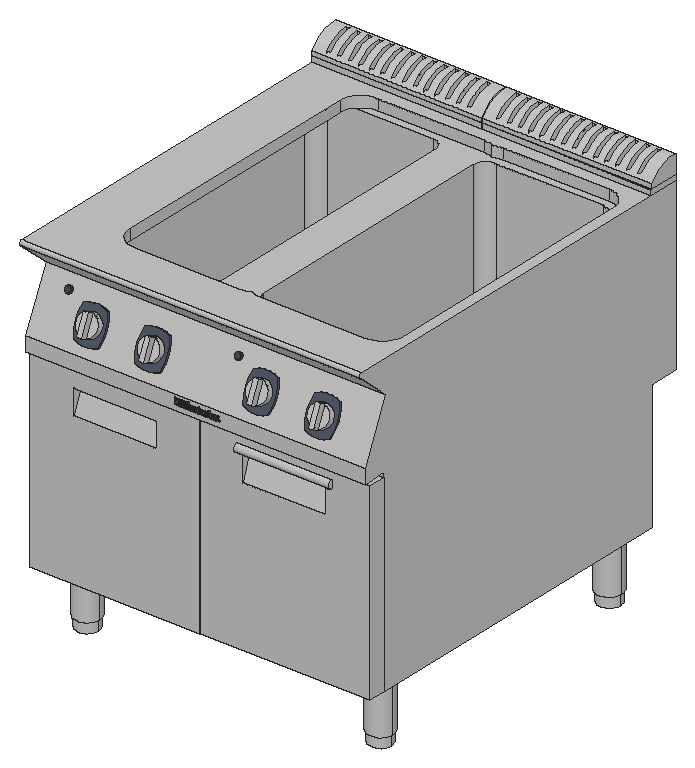
Revit family "QF_ELECTROLUXPROFESSIONAL_391112_E9PCGH2MF0", category Specialty Equipment, Revit 2018 (continued)
Automatic sketch dimensions
  Extrusion 5 sketch curve to Extrusion 5 sketch curve = 0.249 mm
  Extrusion 5 sketch curve to Extrusion 1 = 14.203 mm
  Extrusion 5 sketch curve to Extrusion 5 sketch curve = 0.087 mm
  Extrusion 5 sketch curve to Extrusion 5 sketch curve = 0.358 mm
  Extrusion 5 sketch curve to Extrusion 5 sketch curve = 0.481 mm
  Extrusion 5 sketch curve to Extrusion 5 sketch curve = 0.597 mm
  Extrusion 5 sketch curve to Extrusion 5 sketch curve = 0.544 mm
  Extrusion 5 sketch curve to Extrusion 5 sketch curve = 0.936 mm
  Extrusion 5 sketch curve to Extrusion 5 sketch curve = 0.594 mm
  Extrusion 5 sketch curve to Extrusion 5 sketch curve = 0.343 mm
  Extrusion 5 sketch curve to Extrusion 5 sketch curve = 0.159 mm
  Extrusion 5 sketch curve to Extrusion 5 sketch curve = 0.826 mm
  Extrusion 5 sketch curve to Extrusion 5 sketch curve = 0.839 mm
  Extrusion 5 sketch curve to Extrusion 5 sketch curve = 0.852 mm
  Extrusion 5 sketch curve to Extrusion 5 sketch curve = 0.887 mm
  Extrusion 5 sketch curve to Extrusion 5 sketch curve = 0.928 mm
  Extrusion 5 sketch curve to Extrusion 5 sketch curve = 0.938 mm
  Extrusion 5 sketch curve to Extrusion 5 sketch curve = 0.444 mm
  Extrusion 5 sketch curve to Extrusion 5 sketch curve = 1.11 mm  (x3)
  Extrusion 5 sketch curve to Extrusion 5 sketch curve = 0.215 mm
  Extrusion 5 sketch curve to Extrusion 5 sketch curve = 1.43 mm
  Extrusion 5 sketch curve to Extrusion 5 sketch curve = 1.188 mm
  Extrusion 5 sketch curve to Extrusion 5 sketch curve = 1.21 mm  (x2)
  Extrusion 5 sketch curve to Extrusion 5 sketch curve = 0.503 mm
  Extrusion 5 sketch curve to Extrusion 5 sketch curve = 0.488 mm
  Extrusion 5 sketch curve to Extrusion 5 sketch curve = 0.462 mm
  Extrusion 5 sketch curve to Extrusion 5 sketch curve = 1.386 mm
  Extrusion 5 sketch curve to Extrusion 5 sketch curve = 1.742 mm  (x2)
  Extrusion 5 sketch curve to Extrusion 5 sketch curve = 0.821 mm
  Extrusion 5 sketch curve to Extrusion 5 sketch curve = 0.497 mm
  Extrusion 5 sketch curve to Extrusion 5 sketch curve = 0.539 mm
  Extrusion 5 sketch curve to Extrusion 5 sketch curve = 0.199 mm
  Extrusion 5 sketch curve to Extrusion 5 sketch curve = 0.408 mm
  Extrusion 5 sketch curve to Extrusion 5 sketch curve = 0.528 mm
  Extrusion 5 sketch curve to Extrusion 5 sketch curve = 1.16 mm
  Extrusion 5 sketch curve to Extrusion 5 sketch curve = 0.329 mm
  Extrusion 5 sketch curve to Extrusion 5 sketch curve = 1.054 mm
  Extrusion 5 sketch curve to Extrusion 5 sketch curve = 1.056 mm
  Extrusion 5 sketch curve to Extrusion 5 sketch curve = 0.129 mm
  Extrusion 5 sketch curve to Extrusion 5 sketch curve = 0.489 mm
  Extrusion 5 sketch curve to Extrusion 5 sketch curve = 0.441 mm
  Extrusion 5 sketch curve to Extrusion 5 sketch curve = 1.151 mm
  Extrusion 5 sketch curve to Extrusion 5 sketch curve = 1.141 mm  (x2)
  Extrusion 5 sketch curve to Extrusion 5 sketch curve = 0.768 mm
  Extrusion 5 sketch curve to Extrusion 5 sketch curve = 1.653 mm
  Extrusion 5 sketch curve to Extrusion 5 sketch curve = 0.499 mm
  Extrusion 5 sketch curve to Extrusion 5 sketch curve = 0.964 mm
  Extrusion 5 sketch curve to Extrusion 5 sketch curve = 0.949 mm
  Extrusion 5 sketch curve to Extrusion 5 sketch curve = 1.345 mm  (x3)
  Extrusion 5 sketch curve to Extrusion 5 sketch curve = 1.101 mm
  Extrusion 5 sketch curve to Extrusion 5 sketch curve = 0.432 mm
  Extrusion 5 sketch curve to Extrusion 5 sketch curve = 1.142 mm
  Extrusion 5 sketch curve to Extrusion 5 sketch curve = 0.959 mm
  Extrusion 5 sketch curve to Extrusion 5 sketch curve = 0.176 mm
  Extrusion 5 sketch curve to Extrusion 5 sketch curve = 0.728 mm
  Extrusion 5 sketch curve to Extrusion 5 sketch curve = 3.375 mm  (x2)
  Extrusion 5 sketch curve to Extrusion 5 sketch curve = 0.541 mm
  Extrusion 5 sketch curve to Extrusion 5 sketch curve = 0.955 mm
  Extrusion 5 sketch curve to Extrusion 5 sketch curve = 1.251 mm
  Extrusion 5 sketch curve to Extrusion 5 sketch curve = 0.572 mm
  Extrusion 5 sketch curve to Extrusion 5 sketch curve = 1.92 mm
  Extrusion 5 sketch curve to Extrusion 5 sketch curve = 1.224 mm
  Extrusion 5 sketch curve to Extrusion 5 sketch curve = 0.745 mm
  Extrusion 5 sketch curve to Extrusion 5 sketch curve = 2.537 mm
  Extrusion 5 sketch curve to Extrusion 5 sketch curve = 0.896 mm  (x3)
  Extrusion 5 sketch curve to Extrusion 5 sketch curve = 0.036 mm
  Extrusion 5 sketch curve to Extrusion 5 sketch curve = 2.607 mm
  Extrusion 5 sketch curve to Extrusion 5 sketch curve = 0.066 mm
  Extrusion 5 sketch curve to Extrusion 5 sketch curve = 0.248 mm
  Extrusion 5 sketch curve to Extrusion 5 sketch curve = 0.449 mm
  Extrusion 5 sketch curve to Extrusion 5 sketch curve = 1.052 mm
  Extrusion 5 sketch curve to Extrusion 5 sketch curve = 1.863 mm
  Extrusion 5 sketch curve to Extrusion 5 sketch curve = 1.31 mm  (x2)
  Extrusion 5 sketch curve to Extrusion 5 sketch curve = 0.901 mm
  Extrusion 5 sketch curve to Extrusion 5 sketch curve = 1.107 mm
  Extrusion 5 sketch curve to Extrusion 5 sketch curve = 2.122 mm
  Extrusion 5 sketch curve to Extrusion 5 sketch curve = 2.101 mm
  Extrusion 5 sketch curve to Extrusion 5 sketch curve = 0.106 mm
  Extrusion 5 sketch curve to Extrusion 5 sketch curve = 0.029 mm
  Extrusion 5 sketch curve to Extrusion 5 sketch curve = 2.09 mm
  Extrusion 5 sketch curve to Extrusion 5 sketch curve = 1.279 mm
  Extrusion 5 sketch curve to Extrusion 5 sketch curve = 2.008 mm
  Extrusion 5 sketch curve to Extrusion 5 sketch curve = 0.738 mm
  Extrusion 5 sketch curve to Extrusion 5 sketch curve = 0.382 mm
  Extrusion 5 sketch curve to Extrusion 5 sketch curve = 0.384 mm
  Extrusion 5 sketch curve to Extrusion 5 sketch curve = 0.002 mm
  Extrusion 5 sketch curve to Extrusion 5 sketch curve = 0.561 mm
  Extrusion 5 sketch curve to Extrusion 5 sketch curve = 0.592 mm
  Extrusion 5 sketch curve to Extrusion 5 sketch curve = 2.692 mm
  Extrusion 5 sketch curve to Extrusion 5 sketch curve = 1.259 mm
  Extrusion 5 sketch curve to Extrusion 5 sketch curve = 0.802 mm
  Extrusion 5 sketch curve to Extrusion 5 sketch curve = 1.024 mm  (x2)
  Extrusion 5 sketch curve to Extrusion 5 sketch curve = 0.682 mm
  Extrusion 5 sketch curve to Extrusion 5 sketch curve = 5.934 mm
  Extrusion 5 sketch curve to Extrusion 5 sketch curve = 2.186 mm
  Extrusion 5 sketch curve to Extrusion 5 sketch curve = 0.337 mm
  Extrusion 5 sketch curve to Extrusion 5 sketch curve = 0.021 mm
  Extrusion 5 sketch curve to Extrusion 5 sketch curve = 1.005 mm
  Extrusion 5 sketch curve to Extrusion 5 sketch curve = 0.552 mm
  Extrusion 5 sketch curve to Extrusion 5 sketch curve = 0.778 mm
  Extrusion 5 sketch curve to Extrusion 5 sketch curve = 0.063 mm
  Extrusion 5 sketch curve to Extrusion 5 sketch curve = 1.023 mm
  Extrusion 5 sketch curve to Extrusion 5 sketch curve = 3.804 mm
  Extrusion 5 sketch curve to Extrusion 5 sketch curve = 0.486 mm
  Extrusion 5 sketch curve to Extrusion 5 sketch curve = 0.266 mm
  Extrusion 5 sketch curve to Extrusion 5 sketch curve = 1.547 mm
  Extrusion 5 sketch curve to Extrusion 5 sketch curve = 0.717 mm  (x2)
  Extrusion 5 sketch curve to Extrusion 5 sketch curve = 1.667 mm
  Extrusion 5 sketch curve to Extrusion 5 sketch curve = 3.174 mm
  Extrusion 5 sketch curve to Extrusion 5 sketch curve = 0.388 mm
  Extrusion 5 sketch curve to Extrusion 5 sketch curve = 1.342 mm
  Extrusion 5 sketch curve to Extrusion 5 sketch curve = 1.521 mm
  Extrusion 5 sketch curve to Extrusion 5 sketch curve = 0.124 mm
  Extrusion 5 sketch curve to Extrusion 5 sketch curve = 0.291 mm
  Extrusion 5 sketch curve to Extrusion 5 sketch curve = 1.049 mm  (x2)
  Extrusion 5 sketch curve to Extrusion 5 sketch curve = 1.7 mm
  Extrusion 5 sketch curve to Extrusion 5 sketch curve = 0.894 mm
  Extrusion 5 sketch curve to Extrusion 5 sketch curve = 0.989 mm
  Extrusion 5 sketch curve to Extrusion 5 sketch curve = 1.168 mm
  Extrusion 5 sketch curve to Extrusion 5 sketch curve = 1.594 mm
  Extrusion 5 sketch curve to Extrusion 5 sketch curve = 0.731 mm
  Extrusion 5 sketch curve to Extrusion 5 sketch curve = 1.566 mm
  Extrusion 5 sketch curve to Extrusion 5 sketch curve = 0.064 mm
  Extrusion 5 sketch curve to Extrusion 5 sketch curve = 0.556 mm  (x2)
  Extrusion 5 sketch curve to Extrusion 5 sketch curve = 0.48 mm
  Extrusion 5 sketch curve to Extrusion 5 sketch curve = 1.018 mm
  Extrusion 5 sketch curve to Extrusion 5 sketch curve = 0.787 mm
  Extrusion 5 sketch curve to Extrusion 5 sketch curve = 0.618 mm
  Extrusion 5 sketch curve to Extrusion 5 sketch curve = 1.672 mm
  Extrusion 5 sketch curve to Extrusion 5 sketch curve = 1.361 mm
  Extrusion 5 sketch curve to Extrusion 5 sketch curve = 0.822 mm
  Extrusion 5 sketch curve to Extrusion 5 sketch curve = 0.069 mm
  Extrusion 5 sketch curve to Extrusion 5 sketch curve = 1.88 mm
  Extrusion 5 sketch curve to Extrusion 5 sketch curve = 0.42 mm
  Extrusion 5 sketch curve to Extrusion 5 sketch curve = 0.062 mm
  Extrusion 5 sketch curve to Extrusion 5 sketch curve = 1.355 mm
  Extrusion 5 sketch curve to Extrusion 5 sketch curve = 2.34 mm
  Extrusion 5 sketch curve to Extrusion 5 sketch curve = 0.493 mm
  Extrusion 5 sketch curve to Extrusion 5 sketch curve = 0.136 mm
  Extrusion 5 sketch curve to Extrusion 5 sketch curve = 0.128 mm
  Extrusion 5 sketch curve to Extrusion 5 sketch curve = 3.616 mm
  Extrusion 5 sketch curve to Extrusion 5 sketch curve = 4.207 mm
  Extrusion 5 sketch curve to Extrusion 5 sketch curve = 0.183 mm
  Extrusion 5 sketch curve to Extrusion 5 sketch curve = 0.895 mm
  Extrusion 5 sketch curve to Extrusion 5 sketch curve = 1.314 mm
  Extrusion 5 sketch curve to Extrusion 5 sketch curve = 3.231 mm
  Extrusion 5 sketch curve to Extrusion 5 sketch curve = 1.299 mm
  Extrusion 5 sketch curve to Extrusion 5 sketch curve = 1.214 mm
  Extrusion 5 sketch curve to Extrusion 5 sketch curve = 1.264 mm
  Extrusion 5 sketch curve to Extrusion 5 sketch curve = 0.109 mm
  Extrusion 5 sketch curve to Extrusion 5 sketch curve = 0.357 mm
  Extrusion 5 sketch curve to Extrusion 5 sketch curve = 0.565 mm
  Extrusion 5 sketch curve to Extrusion 5 sketch curve = 2.504 mm
  Extrusion 5 sketch curve to Extrusion 5 sketch curve = 2.459 mm
  Extrusion 1 to Extrusion 5 sketch curve = 5.127 mm
  Extrusion 1 to Extrusion 5 sketch curve = 343.464 mm
  Extrusion 5 sketch curve to Extrusion 5 sketch curve = 0.208 mm
  Extrusion 5 sketch curve to Extrusion 5 sketch curve = 0.468 mm  (x2)
  Extrusion 5 sketch curve to Extrusion 5 sketch curve = 1.559 mm
  Extrusion 5 sketch curve to Extrusion 5 sketch curve = 0.422 mm  (x2)
  Extrusion 5 sketch curve to Extrusion 5 sketch curve = 0.494 mm
  Extrusion 5 sketch curve to Extrusion 5 sketch curve = 3.927 mm
  Extrusion 5 sketch curve to Extrusion 5 sketch curve = 0.782 mm
  Extrusion 5 sketch curve to Extrusion 5 sketch curve = 1.268 mm
  Extrusion 5 sketch curve to Extrusion 5 sketch curve = 0.671 mm
  Extrusion 5 sketch curve to Extrusion 5 sketch curve = 0.777 mm
  Extrusion 5 sketch curve to Extrusion 5 sketch curve = 0.704 mm
  Extrusion 5 sketch curve to Extrusion 5 sketch curve = 0.781 mm  (x2)
  Extrusion 5 sketch curve to Extrusion 5 sketch curve = 1.634 mm
  Extrusion 5 sketch curve to Extrusion 5 sketch curve = 0.132 mm
  Extrusion 5 sketch curve to Extrusion 5 sketch curve = 3.136 mm
  Extrusion 5 sketch curve to Extrusion 5 sketch curve = 2.422 mm
  Extrusion 5 sketch curve to Extrusion 5 sketch curve = 0.586 mm
  Extrusion 5 sketch curve to Extrusion 5 sketch curve = 2.046 mm  (x2)
  Extrusion 5 sketch curve to Extrusion 5 sketch curve = 1.241 mm
  Extrusion 5 sketch curve to Extrusion 5 sketch curve = 1.689 mm
  Extrusion 5 sketch curve to Extrusion 5 sketch curve = 2.859 mm
  Extrusion 5 sketch curve to Extrusion 5 sketch curve = 0.627 mm
  Extrusion 5 sketch curve to Extrusion 5 sketch curve = 0.863 mm
  Extrusion 5 sketch curve to Extrusion 5 sketch curve = 0.419 mm
  Extrusion 5 sketch curve to Extrusion 5 sketch curve = 1.514 mm
  Extrusion 5 sketch curve to Extrusion 5 sketch curve = 1.019 mm
  Extrusion 5 sketch curve to Extrusion 5 sketch curve = 0.065 mm
  Extrusion 5 sketch curve to Extrusion 5 sketch curve = 1.215 mm
  Extrusion 5 sketch curve to Extrusion 5 sketch curve = 2.708 mm
  Extrusion 5 sketch curve to Extrusion 5 sketch curve = 1.122 mm
  Extrusion 5 sketch curve to Extrusion 5 sketch curve = 1.153 mm
  Extrusion 5 sketch curve to Extrusion 5 sketch curve = 3.009 mm
  Extrusion 5 sketch curve to Extrusion 5 sketch curve = 0.829 mm  (x2)
  Extrusion 5 sketch curve to Extrusion 5 sketch curve = 0.934 mm
  Extrusion 5 sketch curve to Extrusion 5 sketch curve = 3.376 mm
  Extrusion 5 sketch curve to Extrusion 5 sketch curve = 0.222 mm
  Extrusion 5 sketch curve to Extrusion 5 sketch curve = 1.383 mm
  Extrusion 5 sketch curve to Extrusion 5 sketch curve = 1.556 mm
  Extrusion 5 sketch curve to Extrusion 5 sketch curve = 2.559 mm
  Extrusion 5 sketch curve to Extrusion 5 sketch curve = 2.51 mm
  Extrusion 5 sketch curve to Extrusion 5 sketch curve = 0.131 mm
  Extrusion 5 sketch curve to Extrusion 5 sketch curve = 1.717 mm
  Extrusion 5 sketch curve to Extrusion 5 sketch curve = 1.134 mm
  Extrusion 5 sketch curve to Extrusion 5 sketch curve = 0.366 mm
  Extrusion 5 sketch curve to Extrusion 5 sketch curve = 0.094 mm
  Extrusion 5 sketch curve to Extrusion 5 sketch curve = 1.584 mm
  Extrusion 5 sketch curve to Extrusion 5 sketch curve = 1.501 mm
  Extrusion 5 sketch curve to Extrusion 5 sketch curve = 0.27 mm
  Extrusion 5 sketch curve to Extrusion 5 sketch curve = 1.808 mm
  Extrusion 5 sketch curve to Extrusion 5 sketch curve = 0.643 mm
  Extrusion 5 sketch curve to Extrusion 5 sketch curve = 0.916 mm
  Extrusion 5 sketch curve to Extrusion 5 sketch curve = 0.352 mm
  Extrusion 5 sketch curve to Extrusion 5 sketch curve = 0.458 mm
  Extrusion 5 sketch curve to Extrusion 5 sketch curve = 1.282 mm
  Extrusion 5 sketch curve to Extrusion 5 sketch curve = 1.363 mm
  Extrusion 5 sketch curve to Extrusion 5 sketch curve = 0.685 mm
  Extrusion 5 sketch curve to Extrusion 5 sketch curve = 0.905 mm
  Extrusion 5 sketch curve to Extrusion 5 sketch curve = 2.865 mm
  Extrusion 5 sketch curve to Extrusion 5 sketch curve = 0.472 mm
  Extrusion 5 sketch curve to Extrusion 5 sketch curve = 0.101 mm
  Extrusion 5 sketch curve to Extrusion 5 sketch curve = 0.54 mm
  Extrusion 5 sketch curve to Extrusion 5 sketch curve = 0.02 mm
  Extrusion 5 sketch curve to Extrusion 5 sketch curve = 0.582 mm
  Extrusion 5 sketch curve to Extrusion 5 sketch curve = 0.166 mm
  Extrusion 5 sketch curve to Extrusion 5 sketch curve = 0.16 mm
  Extrusion 5 sketch curve to Extrusion 5 sketch curve = 2.781 mm
  Extrusion 5 sketch curve to Extrusion 5 sketch curve = 1.118 mm
  Extrusion 5 sketch curve to Extrusion 5 sketch curve = 0.613 mm
  Extrusion 5 sketch curve to Extrusion 5 sketch curve = 0.361 mm
  Extrusion 5 sketch curve to Extrusion 5 sketch curve = 0.897 mm
  Extrusion 5 sketch curve to Extrusion 5 sketch curve = 0.167 mm
  Extrusion 5 sketch curve to Extrusion 5 sketch curve = 0.292 mm
  Extrusion 5 sketch curve to Extrusion 5 sketch curve = 0.305 mm
  Extrusion 5 sketch curve to Extrusion 5 sketch curve = 1.557 mm
  Extrusion 5 sketch curve to Extrusion 5 sketch curve = 2.499 mm
  Extrusion 5 sketch curve to Extrusion 5 sketch curve = 3.062 mm
  Extrusion 5 sketch curve to Extrusion 5 sketch curve = 2.968 mm
  Extrusion 5 sketch curve to Extrusion 5 sketch curve = 5.044 mm
  Extrusion 5 sketch curve to Extrusion 5 sketch curve = 0.629 mm  (x2)
  Extrusion 5 sketch curve to Extrusion 5 sketch curve = 1.131 mm
  Extrusion 5 sketch curve to Extrusion 5 sketch curve = 0.137 mm
  Extrusion 5 sketch curve to Extrusion 5 sketch curve = 0.027 mm
  Extrusion 5 sketch curve to Extrusion 5 sketch curve = 2.235 mm
  Extrusion 6 sketch curve to plane 10 "TOP A" = 0 mm
  Extrusion 6 sketch curve to plane 1 "BACK" = 0 mm
  plane 10 "TOP A" to Extrusion 6 sketch curve = 12.9 mm
  Extrusion 6 sketch curve to plane 12 = 54.11 mm
  Extrusion 7 sketch curve to plane 1 "BACK" = 0 mm
  Extrusion 7 sketch curve to plane 6 "TOP" = 0 mm
  plane 1 "BACK" to Extrusion 7 sketch curve = 4.947 mm
  plane 10 "TOP A" to Extrusion 7 sketch curve = 23.3 mm
  plane 1 "BACK" to Extrusion 7 sketch curve = 69.85 mm
  plane 10 "TOP A" to Extrusion 7 sketch curve = 12.9 mm
  plane 1 "BACK" to Extrusion 8 sketch curve = 6.761 mm  (x14)
  plane 17 to Extrusion 8 sketch curve = 0.513 mm
  Extrusion 8 sketch curve to plane 16 = 1.61 mm
  plane 16 to Extrusion 8 sketch curve = 14.583 mm
  Extrusion 8 sketch curve to Extrusion 8 sketch curve = 57.15 mm
  Extrusion 8 sketch curve to Extrusion 8 sketch curve = 0 mm  (x13)
  Extrusion 8 sketch curve to plane 16 = 10.905 mm
  plane 20 to Extrusion 8 sketch curve = 0.191 mm
  Extrusion 8 sketch curve to plane 20 = 16.001 mm
  Extrusion 8 sketch curve to Extrusion 8 sketch curve = 9.296 mm  (x12)
  Extrusion 8 sketch curve to plane 17 = 15.68 mm
  Extrusion 8 sketch curve to Extrusion 8 sketch curve = 16.193 mm  (x9)
  Extrusion 9 sketch curve to plane 10 "TOP A" = 0 mm
  Extrusion 9 sketch curve to plane 1 "BACK" = 0 mm
  plane 10 "TOP A" to Extrusion 9 sketch curve = 12.9 mm
  Extrusion 9 sketch curve to plane 12 = 54.11 mm
  Extrusion 10 sketch curve to plane 1 "BACK" = 0 mm
  Extrusion 10 sketch curve to plane 6 "TOP" = 0 mm
  plane 1 "BACK" to Extrusion 10 sketch curve = 4.947 mm
  plane 10 "TOP A" to Extrusion 10 sketch curve = 23.3 mm
  plane 1 "BACK" to Extrusion 10 sketch curve = 69.85 mm
  plane 10 "TOP A" to Extrusion 10 sketch curve = 12.9 mm
  plane 1 "BACK" to Extrusion 11 sketch curve = 6.761 mm  (x14)
  plane 18 to Extrusion 11 sketch curve = 1.487 mm
  Extrusion 11 sketch curve to plane 19 = 0.56 mm
  Extrusion 11 sketch curve to Extrusion 11 sketch curve = 57.15 mm
  Extrusion 11 sketch curve to Extrusion 11 sketch curve = 0 mm  (x13)
  Extrusion 11 sketch curve to plane 15 = 6.001 mm
  plane 19 to Extrusion 11 sketch curve = 15.633 mm
  Extrusion 11 sketch curve to Extrusion 11 sketch curve = 9.296 mm  (x13)
  Extrusion 11 sketch curve to Extrusion 11 sketch curve = 16.193 mm  (x10)
  plane 21 to Extrusion 11 sketch curve = 0.191 mm
  Extrusion 12 sketch curve to Extrusion 1 = 0 mm  (x2)
  Extrusion 1 to Extrusion 12 sketch curve = 399.088 mm
  Extrusion 12 sketch curve to Extrusion 12 sketch curve = 1.825 mm
  Extrusion 13 sketch curve to plane 5 "FRONT" = 30 mm
  Extrusion 13 sketch curve to Extrusion 13 sketch curve = 21.813 mm
  Extrusion 13 sketch curve to plane 9 "BASE" = 97.43 mm
  Extrusion 13 sketch curve to plane 9 "BASE" = 37.5 mm
  Extrusion 14 sketch curve to plane 5 "FRONT" = 30 mm
  Extrusion 14 sketch curve to Extrusion 14 sketch curve = 21.813 mm
  Extrusion 14 sketch curve to plane 9 "BASE" = 37.5 mm
  Extrusion 14 sketch curve to Extrusion 14 sketch curve = 59.93 mm
  Extrusion 15 sketch curve to plane 5 "FRONT" = 30 mm
  Extrusion 15 sketch curve to plane 9 "BASE" = 17.595 mm
  Extrusion 15 sketch curve to Extrusion 15 sketch curve = 9.905 mm
  plane 13 to Extrusion 16 sketch curve = 0 mm
  Extrusion 16 sketch curve to plane 20 = 10 mm
  Extrusion 16 sketch curve to Extrusion 16 sketch curve = 0 mm  (x4)
  Extrusion 16 sketch curve to plane 17 = 10 mm  (x2)
  Extrusion 16 sketch curve to plane 7 "Center Y" = 75 mm  (x2)
  Extrusion 16 sketch curve to Extrusion 16 sketch curve = 30 mm
  Extrusion 16 sketch curve to Extrusion 16 sketch curve = 133.357 mm
  Extrusion 17 sketch curve to plane 13 = 163.357 mm
  Extrusion 17 sketch curve to plane 17 = 10 mm
  Extrusion 17 sketch curve to Extrusion 17 sketch curve = 30 mm  (x2)
  plane 12 to Extrusion 17 sketch curve = 25.89 mm  (x2)
  Extrusion 17 sketch curve to plane 12 = 4.11 mm
  Extrusion 17 sketch curve to plane 7 "Center Y" = 75 mm
  plane 7 "Center Y" to Extrusion 18 sketch curve = 25 mm
  plane 13 to Extrusion 18 sketch curve = 20 mm
  Extrusion 18 sketch curve to Extrusion 18 sketch curve = 50 mm  (x2)
  Extrusion 18 sketch curve to plane 12 = 24.11 mm
  plane 18 to Extrusion 18 sketch curve = 12 mm  (x2)
  Extrusion 18 sketch curve to plane 15 = 20 mm
  Extrusion 19 sketch curve to plane 15 = 0 mm  (x2)
  plane 13 to Extrusion 19 sketch curve = 0 mm
  plane 18 to Extrusion 19 sketch curve = 12 mm  (x2)
  plane 7 "Center Y" to Extrusion 19 sketch curve = 75 mm  (x2)
  Extrusion 19 sketch curve to Extrusion 19 sketch curve = 30 mm
  Extrusion 19 sketch curve to Extrusion 19 sketch curve = 0 mm  (x3)
  Extrusion 19 sketch curve to Extrusion 19 sketch curve = 133.357 mm
  Extrusion 20 sketch curve to plane 15 = 0 mm
  Extrusion 20 sketch curve to plane 12 = 4.11 mm
  plane 18 to Extrusion 20 sketch curve = 12 mm
  plane 12 to Extrusion 20 sketch curve = 25.89 mm
  plane 7 "Center Y" to Extrusion 20 sketch curve = 45 mm
  Extrusion 20 sketch curve to plane 8 "Center X" = 141.643 mm  (x2)
  Extrusion 20 sketch curve to Extrusion 20 sketch curve = 30 mm
  Extrusion 21 sketch curve to plane 17 = 39.333 mm
  Extrusion 21 sketch curve to Extrusion 21 sketch curve = 0 mm
  Extrusion 21 sketch curve to Extrusion 21 sketch curve = 12.3 mm  (x3)
  Extrusion 21 sketch curve to Extrusion 21 sketch curve = 34.925 mm  (x2)
  Extrusion 21 sketch curve to plane 17 = 13.606 mm
  Extrusion 21 sketch curve to Extrusion 21 sketch curve = 46.691 mm
  Extrusion 21 sketch curve to Extrusion 21 sketch curve = 26.344 mm
  Extrusion 21 sketch curve to Extrusion 21 sketch curve = 28.57 mm
  Extrusion 23 sketch curve to Extrusion 23 sketch curve = 24.732 mm
  Extrusion 23 sketch curve to Extrusion 23 sketch curve = 0 mm
  Split face 1 sketch curve to Split face 1 sketch curve = 9.684 mm
  Split face 1 sketch curve to Split face 1 sketch curve = 18.622 mm
  Split face 1 sketch curve to Split face 1 sketch curve = 2.959 mm
  Split face 1 sketch curve to Split face 1 sketch curve = 21.994 mm
  Split face 1 sketch curve to Split face 1 sketch curve = 5.035 mm
  Split face 1 sketch curve to Split face 1 sketch curve = 10.085 mm
  Split face 1 sketch curve to Split face 1 sketch curve = 5.244 mm
  Split face 2 sketch curve to Split face 2 sketch curve = 9.635 mm
  Split face 2 sketch curve to Split face 2 sketch curve = 17.821 mm
  Split face 2 sketch curve to Split face 2 sketch curve = 4.557 mm
  Split face 2 sketch curve to Split face 2 sketch curve = 14.42 mm
  Split face 2 sketch curve to Split face 2 sketch curve = 22.055 mm
  Split face 2 sketch curve to Split face 2 sketch curve = 3.318 mm
  Extrusion 24 sketch curve to plane 16 = 17.333 mm
  Extrusion 24 sketch curve to Extrusion 24 sketch curve = 0 mm
  Extrusion 24 sketch curve to Extrusion 24 sketch curve = 12.3 mm  (x3)
  Extrusion 24 sketch curve to Extrusion 24 sketch curve = 34.925 mm  (x2)
  plane 16 to Extrusion 24 sketch curve = 8.394 mm
  Extrusion 24 sketch curve to Extrusion 24 sketch curve = 46.691 mm
  Extrusion 24 sketch curve to plane 16 = 17.95 mm
  Extrusion 24 sketch curve to Extrusion 24 sketch curve = 25.114 mm
  Extrusion 26 sketch curve to Extrusion 26 sketch curve = 24.732 mm
  Extrusion 26 sketch curve to Extrusion 26 sketch curve = 0 mm
  Split face 3 sketch curve to Split face 3 sketch curve = 9.684 mm
  Split face 3 sketch curve to Split face 3 sketch curve = 18.622 mm
  Split face 3 sketch curve to Split face 3 sketch curve = 2.959 mm
  Split face 3 sketch curve to Split face 3 sketch curve = 21.994 mm
  Split face 3 sketch curve to Split face 3 sketch curve = 5.035 mm
  Split face 3 sketch curve to Split face 3 sketch curve = 10.085 mm
  Split face 3 sketch curve to Split face 3 sketch curve = 5.244 mm
  Split face 4 sketch curve to Split face 4 sketch curve = 9.635 mm
  Split face 4 sketch curve to Split face 4 sketch curve = 17.821 mm
  Split face 4 sketch curve to Split face 4 sketch curve = 4.557 mm
  Split face 4 sketch curve to Split face 4 sketch curve = 14.42 mm
  Split face 4 sketch curve to Split face 4 sketch curve = 22.055 mm
  Split face 4 sketch curve to Split face 4 sketch curve = 3.318 mm
  Extrusion 27 sketch curve to plane 17 = 0 mm
  plane 7 "Center Y" to Extrusion 28 sketch curve = 104.333 mm
  Extrusion 28 sketch curve to Extrusion 28 sketch curve = 0 mm
  Extrusion 28 sketch curve to Extrusion 28 sketch curve = 12.3 mm  (x3)
  Extrusion 28 sketch curve to Extrusion 28 sketch curve = 34.925 mm  (x2)
  Extrusion 28 sketch curve to Extrusion 28 sketch curve = 46.691 mm
  Extrusion 28 sketch curve to Extrusion 28 sketch curve = 0.617 mm
  Extrusion 28 sketch curve to Extrusion 28 sketch curve = 28.57 mm
  Extrusion 28 sketch curve to Extrusion 28 sketch curve = 29.185 mm
  Extrusion 30 sketch curve to Extrusion 30 sketch curve = 24.732 mm
  Extrusion 30 sketch curve to Extrusion 30 sketch curve = 0 mm
  Split face 5 sketch curve to Split face 5 sketch curve = 9.684 mm
  Split face 5 sketch curve to Split face 5 sketch curve = 18.622 mm
  Split face 5 sketch curve to Split face 5 sketch curve = 2.959 mm
  Split face 5 sketch curve to Split face 5 sketch curve = 21.994 mm
  Split face 5 sketch curve to Split face 5 sketch curve = 5.035 mm
  Split face 5 sketch curve to Split face 5 sketch curve = 10.085 mm
  Split face 5 sketch curve to Split face 5 sketch curve = 5.244 mm
  Split face 6 sketch curve to Split face 6 sketch curve = 9.635 mm
  Split face 6 sketch curve to Split face 6 sketch curve = 17.821 mm
  Split face 6 sketch curve to Split face 6 sketch curve = 4.557 mm
  Split face 6 sketch curve to Split face 6 sketch curve = 14.42 mm
  Split face 6 sketch curve to Split face 6 sketch curve = 22.055 mm
  Split face 6 sketch curve to Split face 6 sketch curve = 3.318 mm
  Extrusion 31 sketch curve to plane 19 = 16.333 mm
  plane 18 to Extrusion 31 sketch curve = 29.292 mm
  Extrusion 31 sketch curve to Extrusion 31 sketch curve = 0 mm
  Extrusion 31 sketch curve to Extrusion 31 sketch curve = 12.3 mm
  plane 18 to Extrusion 31 sketch curve = 4.178 mm
  Extrusion 31 sketch curve to Extrusion 31 sketch curve = 34.925 mm  (x2)
  plane 19 to Extrusion 31 sketch curve = 9.394 mm
  Extrusion 31 sketch curve to Extrusion 31 sketch curve = 46.691 mm
  Extrusion 31 sketch curve to plane 19 = 16.95 mm
  plane 18 to Extrusion 31 sketch curve = 29.905 mm
  Extrusion 33 sketch curve to Extrusion 33 sketch curve = 24.732 mm
  Extrusion 33 sketch curve to Extrusion 33 sketch curve = 0 mm
  Split face 7 sketch curve to Split face 7 sketch curve = 9.684 mm
  Split face 7 sketch curve to Split face 7 sketch curve = 18.622 mm
  Split face 7 sketch curve to Split face 7 sketch curve = 2.959 mm
  Split face 7 sketch curve to Split face 7 sketch curve = 21.994 mm
  Split face 7 sketch curve to Split face 7 sketch curve = 5.035 mm
  Split face 7 sketch curve to Split face 7 sketch curve = 10.085 mm
  Split face 7 sketch curve to Split face 7 sketch curve = 5.244 mm
  Split face 8 sketch curve to Split face 8 sketch curve = 9.635 mm
  Split face 8 sketch curve to Split face 8 sketch curve = 17.821 mm
  Split face 8 sketch curve to Split face 8 sketch curve = 4.557 mm
  Split face 8 sketch curve to Split face 8 sketch curve = 14.42 mm
  Split face 8 sketch curve to Split face 8 sketch curve = 22.055 mm
  Split face 8 sketch curve to Split face 8 sketch curve = 3.318 mm
  plane 7 "Center Y" to Extrusion 34 sketch curve = 65 mm
  Extrusion 35 sketch curve to plane 16 = 0 mm
  Extrusion 35 sketch curve to plane 13 = 20 mm
  Extrusion 36 sketch curve to plane 17 = 0 mm
  Extrusion 36 sketch curve to plane 13 = 97 mm
  Extrusion 37 sketch curve to plane 18 = 0 mm
  Extrusion 37 sketch curve to plane 13 = 100 mm
  Extrusion 38 sketch curve to plane 19 = 0 mm
  Extrusion 38 sketch curve to plane 13 = 20 mm
  plane 12 to Extrusion 39 sketch curve = 25.89 mm  (x2)
  plane 7 "Center Y" to Extrusion 39 sketch curve = 80 mm
  plane 13 to Extrusion 39 sketch curve = 20 mm
  plane 7 "Center Y" to Extrusion 39 sketch curve = 30 mm
  Extrusion 39 sketch curve to plane 12 = 24.11 mm
  plane 16 to Extrusion 39 sketch curve = 52 mm  (x2)
  Revolve 40 sketch curve to level = 0 mm
  Revolve 40 sketch curve to plane 11 = 0 mm  (x2)
  Revolve 40 sketch curve to plane 20 = 0 mm  (x2)
  level to Revolve 40 sketch curve = 25 mm
  plane 11 to Revolve 40 sketch curve = 20 mm
  Revolve 40 sketch curve to plane 20 = 26.25 mm
  plane 3 "LEFT" to Revolve 40 sketch curve = 25 mm
  Revolve 41 sketch curve to level = 0 mm
  Revolve 41 sketch curve to plane 11 = 0 mm  (x2)
  plane 20 to Revolve 41 sketch curve = 0 mm
  Revolve 41 sketch curve to plane 20 = 0 mm
  level to Revolve 41 sketch curve = 25 mm
  plane 11 to Revolve 41 sketch curve = 20 mm
  Revolve 41 sketch curve to plane 20 = 26.25 mm
  plane 3 "LEFT" to Revolve 41 sketch curve = 25 mm
  Revolve 42 sketch curve to level = 0 mm
  Revolve 42 sketch curve to plane 11 = 0 mm  (x2)
  Revolve 42 sketch curve to plane 21 = 0 mm
  plane 21 to Revolve 42 sketch curve = 0 mm
  level to Revolve 42 sketch curve = 25 mm
  plane 11 to Revolve 42 sketch curve = 20 mm
  Revolve 42 sketch curve to plane 15 = 16.25 mm
  Revolve 42 sketch curve to plane 15 = 20 mm
  Revolve 43 sketch curve to level = 0 mm
  Revolve 43 sketch curve to plane 11 = 0 mm  (x2)
  plane 21 to Revolve 43 sketch curve = 0 mm  (x2)
  level to Revolve 43 sketch curve = 25 mm
  plane 11 to Revolve 43 sketch curve = 20 mm
  Revolve 43 sketch curve to plane 15 = 16.25 mm
  Revolve 43 sketch curve to plane 15 = 20 mm
  radius of Extrusion 22 sketch curve = 25.4 mm
  radius of Extrusion 23 sketch curve to Extrusion 22 = 0 mm  (x2)
  radius of Extrusion 25 sketch curve = 25.4 mm
  radius of Extrusion 26 sketch curve to Extrusion 25 = 0 mm  (x2)
  radius of Extrusion 27 sketch curve = 7.5 mm
  radius of Extrusion 29 sketch curve = 25.4 mm
  radius of Extrusion 30 sketch curve to Extrusion 29 = 0 mm  (x2)
  radius of Extrusion 32 sketch curve = 25.4 mm
  radius of Extrusion 33 sketch curve to Extrusion 32 = 0 mm  (x2)
  radius of Extrusion 34 sketch curve = 7.5 mm
  radius of Extrusion 35 sketch curve = 12.7 mm
  radius of Extrusion 36 sketch curve = 6.35 mm
  radius of Extrusion 37 sketch curve = 9.525 mm
  radius of Extrusion 38 sketch curve = 12.7 mm
Connectors
  piping at (737, -700, 200), diameter 19
    settings: on Extrusion 37, index 1, connector inside diameter 0.74803", connector length 0 mm, flow factor 0, pipe flow 0 GPM, pressure drop 0.00 psi, fitting loss kfactor 0, connector angle 0.00°, fixture units 0, engagement length 0 mm, angle of deflection 0.00°, flow configuration 1, flow direction 1, fitting loss method 0, system type 20, joint type 0, gender type 0, connector reference index -1, connector utility 0, adjustable connector no, is connector primary yes, connector description "WATER INLET"
  piping at (633, -780, 176), diameter 25.4
    settings: on Extrusion 38, index 2, connector inside diameter 1", connector length 0 mm, flow factor 0, pipe flow 0 GPM, pressure drop 0.00 psi, fitting loss kfactor 0, connector angle 0.00°, fixture units 0, engagement length 0 mm, angle of deflection 0.00°, flow configuration 1, flow direction 2, fitting loss method 0, system type 16, joint type 0, gender type 0, connector reference index -1, connector utility 0, adjustable connector no, is connector primary no, connector description "DRAIN"
  piping at (232, -780, 176), diameter 25.4
    settings: on Extrusion 35, index 3, connector inside diameter 1", connector length 0 mm, flow factor 0, pipe flow 0 GPM, pressure drop 0.00 psi, fitting loss kfactor 0, connector angle 0.00°, fixture units 0, engagement length 0 mm, angle of deflection 0.00°, flow configuration 1, flow direction 2, fitting loss method 0, system type 16, joint type 0, gender type 0, connector reference index -1, connector utility 0, adjustable connector no, is connector primary no, connector description "DRAIN"
  piping at (65, -703, 190), diameter 12.8
    settings: on Extrusion 36, index 4, connector inside diameter 0.50394", connector length 0 mm, flow factor 0, pipe flow 0 GPM, pressure drop 0.00 psi, fitting loss kfactor 0, connector angle 0.00°, fixture units 0, engagement length 0 mm, angle of deflection 0.00°, flow configuration 1, flow direction 1, fitting loss method 0, system type 7, joint type 0, gender type 0, connector reference index -1, connector utility 0, adjustable connector no, is connector primary no, connector description "GAS CONNECTION"
